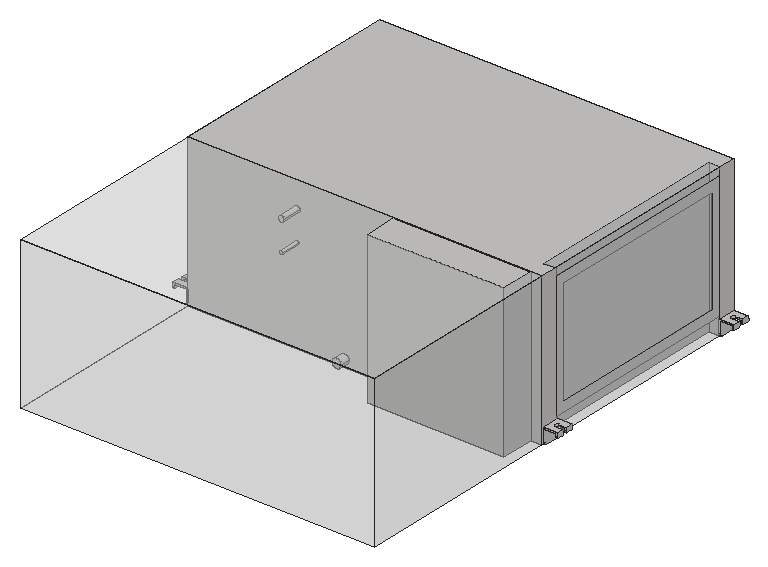
Revit family "outputfile", category 機械設備, Revit 2024
Family settings
  丸型コネクタ寸法 = 半径を使用
  パーツ タイプ = 標準
  OmniClass 番号 = 23.75.10.24.21.27.27
  OmniClass タイトル = Split System Air Conditioning Units
  作業面ベース = いいえ
  常に垂直 = はい
  ロード時にボイドで切り取り = いいえ
  注釈の向きを維持 = いいえ
  共有 = いいえ
  部屋計算ポイント = はい
Parameters (values of type "FXMQ125MFV7")
  Description = ""
  製造元 = "Daikin"
  書き出し IFC クラス(タイプ) = "IfcUnitaryEquipmentType"
  定義済み IFC タイプ(タイプ) = "AIRCONDITIONINGUNIT"
  Cost = 0
  モデル = "FXMQ125MFV7"
  Type Comments = ""
  Keynote = ""
  Type Image = (empty or 0)
  Assembly Code = ""
  w_dischargeflange = 660.0 mm
  w_suctionflange = 640.0 mm
  r_Liquid Pipe Size = Liquid Pipe Size / 2  # 4.75 mm
  r_Gas Pipe Size = Gas Pipe Size / 2  # 7.95 mm
  r_Drain Pipe Size = Drain Pipe Size / 2  # 13.8 mm
  lw_powersupply = 247.5 mm  # constant formula
  lw_mountinghole_pitch = 1148.0 mm  # constant formula
  lw_mountinghole = if(Depth = 744.0 mm, 29.5 mm, if(Depth = 1380.0 mm, 42.0 mm, 42.0 mm))  # 29.5 mm
  lw_liquidpipe = 760.0 mm  # constant formula
  lw_gaspipe = 760.0 mm  # constant formula
  lw_drainpipe = 613.0 mm  # constant formula
  lh_dischargeflange = 250.0 mm  # constant formula
  lh_powersupply = 20.0 mm  # constant formula
  lh_liquidpipe = 296.0 mm  # constant formula
  lh_gaspipe = 390.0 mm  # constant formula
  lh_drainpipe = 25.0 mm  # constant formula
  lh_suctionflange = 250.0 mm  # constant formula
  lh_antena = Height - lh_mountinghole + 1.0 mm  # 421.0 mm
  ld_dischargeflange = 372.0 mm
  ld_powersupply = 211.5 mm  # constant formula
  ld_mountinghole_pitch = if(Depth = 744.0 mm, 685.0 mm, if(Depth = 1380.0 mm, 1296.0 mm, 1296.0 mm))  # 685.0 mm
  ld_suctionflange = 372.0 mm
  h_dischargeflange = 390.0 mm  # constant formula
  lh_mountinghole = 50.0 mm  # constant formula
  h_mountinghole = [h***] + lh_mountinghole  # 50.0 mm
  h_suctionflange = 390.0 mm  # constant formula
  h*** = 0.0 mm  # constant formula
  d_dischargeflange = 25.0 mm  # constant formula
  d_pipe = if(Depth = 744.0 mm, 61.0 mm, if(Depth = 1380.0 mm, 60.0 mm, 60.0 mm))  # 61.0 mm
  d_suctionflange = 25.0 mm  # constant formula
  Width = 1100.0 mm
  Voltage_comment_50Hz = "220-240"
  Voltage_50Hz = 230 V
  Version = "ver.1.0"
  Unit Type = "Outdoor Air Processing Unit"
  Unit Mass Weight = 86.00 kg
  Unit Designation [instance] = ""
  Uniclass2015Version = "Products v1.30"
  Uniclass2015Title = "Variable refrigerant flow units"
  Uniclass2015Code = "Pr_70_65_03_94"
  URL = ""
  Total Cooling Capacity [instance] = 0.000 kW
  Supply Air Direction [instance] = yes
  Sound Pressure Level_M speed (dBA) = 0
  Sound Pressure Level_L speed (dBA) = 0
  Sound Pressure Level_H speed (dBA) = 42
  Sound Power Level_H speed (dB) = 0
  Series = "VRV Fan Coil Unit"
  Sensible Cooling Capacity [instance] = 0.000 kW
  SA Duct Size Width = 600.0 mm
  SA Duct Size Height = 330.0 mm
  Refrigerant Type = "R410A"
  Power Input (Cooling) = 0.359 kW
  Phase_50Hz = 1
  Option Accessory 3 [instance] = ""
  Option Accessory 2 [instance] = ""
  Option Accessory 1 [instance] = ""
  OA Duct Size Width = 580.0 mm
  OA Duct Size Height = 330.0 mm
  Nominal Cooling Capacity = 14.000 kW
  Minimum External Static Pressure = 0.00 Pa
  Minimum Circuit Amps_50Hz = 1.9 A
  Minimum Airflow = 0.00 m³/h
  Median Airflow = 0.00 m³/h
  Maximum Fuse Amps_50Hz = 15.0 A
  Maximum External Static Pressure = 225.00 Pa
  Maximum Airflow = 1080.00 m³/h
  Material_Casing = DAIKIN_GalvanizedSteel_Casing_indoorunit
  Load Classification = HVAC
  Liquid Pipe Size = 9.5 mm
  Link_Nested Family [instance] = ""
  IfcVersion = "0"
  IfcExportType = "AIRCONDITIONINGUNIT"
  IfcExportAs = "IfcUnitaryEquipmentType"
  Height = 470.0 mm
  Heat Exchanger Type = "Cross Fin Coil"
  Gas Pipe Size = 15.9 mm
  Frequency_50Hz = 50 Hz
  Fan Type = "Sirocco Fan"
  Fan Drive = "Direct Drive"
  FCU Tag No. [instance] = ""
  Drain Pipe Size = 27.6 mm
  Design Supply Airflow [instance] = 0.00 m³/h
  Design Outdoor Airflow [instance] = 0.00 m³/h
  Design External Static Pressure [instance] = 0.00 Pa
  Depth = 744.0 mm
  既定の高さ = 0.0 mm
  Cooling Entering Wet Bulb Temperature [instance] = 0.00 °C
  Cooling Entering Dry Bulb Temperature [instance] = 0.00 °C
  Cooling Ambient Wet Bulb Temperature [instance] = 0.00 °C
  Cooling Ambient Dry Bulb Temperature [instance] = 0.00 °C
  Clearance visibility [instance] = yes
  Clearance Top = 0.0 mm
  Clearance Right = 0.0 mm
  Clearance Rear = 0.0 mm
  Clearance Left = 0.0 mm
  Clearance Front = 650.0 mm
  Clearance Bottom = 0.0 mm
Reference planes
  plane 1 "Center (Front/Back)": y = 0
  plane 2: z = 0
  plane 3 "Center (Left/Right)": x = 0
  plane 4 "Back": y = 372
  plane 5 "Front": y = -372
  plane 6 "Left": x = -550
  plane 7 "Right": x = 550
  plane 8 "Top": z = 0
  plane 9 "Bottom": z = -470
  plane 10: y = 372
  plane 11: y = -1022
  plane 12: x = 550
  plane 13: x = -550
  plane 14: z = 0
  plane 15: z = -470
  plane 16: y = -474
  plane 17: y = -402
  plane 18: y = -433
  plane 19 "ld_drainpipe": x = -63
  plane 20 "ld_liquidpipe": x = -210
  plane 21 "ld_gaspipe": x = -210
  plane 22 "lh_gaspipe": z = -80
  plane 23 "lh_drainpipe": z = -445
  plane 24 "lh_liquidpipe": z = -174
  plane 25 "h_mountinghole": z = -420
  plane 26 "lh_powersuply": z = -450
  plane 27 "lh_suctionflange": z = -220
  plane 28 "ld_suctionflange": y = 0
  plane 29 "ld_dischargeflange": y = 0
  plane 30 "lh_dischargeflange": z = -220
  plane 31 "control box1": x = 514
  plane 32 "control box2": x = 91
  plane 33: y = -423
  plane 34 "lw_powersupply": x = 302.5
  plane 35: y = 342.5
  plane 36: y = -342.5
  plane 37: x = -574
  plane 38: x = 574
  plane 39 "w_suctionflange1": y = 320
  plane 40 "w_suctionflange2": y = -320
Forms (mm)
  Extrusion 1, solid, material "DAIKIN_GalvanizedSteel_Casing_indoorunit" <- "Material_Casing"
    sketch origin (0, 0, 0) x (1, 0, 0) y (0, 0, 1)
      loop
        line (-550, 0) -> (-550, -470) -> (550, -470) -> (550, 0) -> (-550, 0)
    from -372 to 372
  Extrusion 2, solid, material "DAIKIN_GalvanizedSteel_Casing_indoorunit" <- "Material_Casing"
    sketch origin (0, 0, 0) x (1, 0, 0) y (0, 0, 1)
      loop
        line (91, -470) -> (514, -470) -> (514, 0) -> (91, 0) -> (91, -470)
    from 372 to 474
  Extrusion 3, solid, material "DAIKIN_GalvanizedSteel_Casing_indoorunit" <- "Material_Casing"
    sketch origin (0, 0, 0) x (1, 0, 0) y (0, 0, 1)
      loop
        circle (-210, -174) r 4.75
      loop
        circle (-210, -80) r 7.95
    from 372 to 433
  Extrusion 4, solid, material "DAIKIN_GalvanizedSteel_Casing_indoorunit" <- "Material_Casing"
    sketch origin (63, 0, 0) x (1, 0, 0) y (0, 0, 1)
      loop
        circle (-126, -445) r 13.8
    from 372 to 402
  Extrusion 5, void
    sketch origin (0, 0, 0) x (0, 1, 0) y (0, 0, 1)
      loop
        line (-320, 545) -> (-320, -985) -> (320, -985) -> (320, 545) -> (-320, 545)
    from 514 to 550
Cuts and joins
  Extrusion 5 cuts Extrusion 1
Dimensions and locks
  "Height": plane 8 "Top" to plane 9 "Bottom"
  equal spacing: plane 6 "Left", plane 3 "Center (Left/Right)", plane 7 "Right"
  "Width": plane 6 "Left" to plane 7 "Right"
  equal spacing: plane 4 "Back", plane 1 "Center (Front/Back)", plane 5 "Front"
  "Depth": plane 4 "Back" to plane 5 "Front"
  "Clearance Left": plane 13 to plane 6 "Left"
  "Clearance Right": plane 7 "Right" to plane 12
  "Clearance Rear": plane 10 to plane 4 "Back"
  "Clearance Front": plane 5 "Front" to plane 11
  "Clearance Top": plane 14 to plane 8 "Top"
  "Clearance Bottom": plane 9 "Bottom" to plane 15
  locked: plane 5 "Front" to plane 16 at 102
  "d_pipe": plane 5 "Front" to plane 18
  "lw_drainpipe": plane 19 "ld_drainpipe" to plane 7 "Right"
  "lw_liquidpipe": plane 20 "ld_liquidpipe" to plane 7 "Right"
  "lw_gaspipe": plane 21 "ld_gaspipe" to plane 7 "Right"
  "lh_gaspipe": plane 22 "lh_gaspipe" to plane 9 "Bottom"
  "lh_liquidpipe": plane 24 "lh_liquidpipe" to plane 9 "Bottom"
  "lh_drainpipe": plane 23 "lh_drainpipe" to plane 9 "Bottom"
  "lh_mountinghole": plane 25 "h_mountinghole" to plane 9 "Bottom"
  "lh_powersupply": plane 26 "lh_powersuply" to plane 9 "Bottom"
  "lh_suctionflange": plane 27 "lh_suctionflange" to plane 9 "Bottom"
  "ld_suctionflange": plane 28 "ld_suctionflange" to plane 5 "Front"
  "ld_dischargeflange": plane 4 "Back" to plane 29 "ld_dischargeflange"
  "lh_dischargeflange": plane 30 "lh_dischargeflange" to plane 9 "Bottom"
  locked: plane 5 "Front" to plane 17 at 30
  locked: plane 32 "control box2" to plane 31 "control box1" at 423
  locked: plane 31 "control box1" to plane 7 "Right" at 36
  "lw_powersupply": plane 34 "lw_powersupply" to plane 7 "Right"
  equal spacing: plane 37, plane 3 "Center (Left/Right)", plane 38
  "lw_mountinghole_pitch": plane 37 to plane 38
  "lw_mountinghole": plane 36 to plane 5 "Front"
  "ld_mountinghole_pitch": plane 35 to plane 36
  equal spacing: plane 5 "Front", plane 33, plane 16, locked at 51 each
  equal spacing: plane 39 "w_suctionflange1", plane 29 "ld_dischargeflange", plane 40 "w_suctionflange2"
  "w_suctionflange": plane 39 "w_suctionflange1" to plane 40 "w_suctionflange2"
  "r_Liquid Pipe Size": radius of Extrusion 3 sketch curve
  "r_Gas Pipe Size": radius of Extrusion 3 sketch curve
  "r_Drain Pipe Size": radius of Extrusion 4 sketch curve
  aligned and locked: level to plane 2
  aligned and locked: Extrusion 1 sketch curve to plane 8 "Top"
  aligned and locked: Extrusion 1 sketch curve to plane 6 "Left"
  aligned and locked: plane 9 "Bottom" to Extrusion 1 sketch curve
  aligned and locked: Extrusion 1 sketch curve to plane 7 "Right"
  aligned and locked: plane 4 "Back" to Extrusion 1
  aligned and locked: Extrusion 1 to plane 5 "Front"
  aligned and locked: plane 10 to nested 1
  aligned and locked: plane 11 to nested 1
  aligned and locked: plane 12 to nested 1
  aligned and locked: nested 1 to plane 13
  aligned and locked: plane 15 to nested 1
  aligned and locked: plane 14 to nested 1
  aligned and locked: Extrusion 2 to plane 16
  aligned and locked: plane 5 "Front" to Extrusion 2
  aligned and locked: plane 24 "lh_liquidpipe" to Extrusion 3 sketch curve
  aligned and locked: plane 20 "ld_liquidpipe" to Extrusion 3 sketch curve
  aligned and locked: plane 21 "ld_gaspipe" to Extrusion 3 sketch curve
  aligned and locked: plane 22 "lh_gaspipe" to Extrusion 3 sketch curve
  aligned and locked: Extrusion 3 to plane 18
  aligned and locked: plane 5 "Front" to Extrusion 3
  aligned and locked: nested 2 to plane 5 "Front"
  aligned and locked: nested 2 to plane 19 "ld_drainpipe"
  aligned and locked: plane 23 "lh_drainpipe" to nested 2
  aligned and locked: nested 3 to plane 5 "Front"
  aligned and locked: nested 4 to plane 5 "Front"
  aligned and locked: plane 24 "lh_liquidpipe" to nested 3
  aligned and locked: plane 22 "lh_gaspipe" to nested 4
  aligned and locked: plane 25 "h_mountinghole" to nested 5
  aligned and locked: plane 25 "h_mountinghole" to nested 6
  aligned and locked: nested 7 to plane 25 "h_mountinghole"
  aligned and locked: nested 8 to plane 25 "h_mountinghole"
  aligned and locked: nested 13 to plane 26 "lh_powersuply"
  aligned and locked: plane 1 "Center (Front/Back)" to nested 14
  aligned and locked: nested 14 to plane 3 "Center (Left/Right)"
  aligned and locked: nested 15 to plane 29 "ld_dischargeflange"
  aligned and locked: nested 15 to plane 6 "Left"
  aligned and locked: plane 30 "lh_dischargeflange" to nested 15
  aligned and locked: nested 16 to plane 6 "Left"
  aligned and locked: nested 16 to plane 29 "ld_dischargeflange"
  aligned and locked: plane 28 "ld_suctionflange" to nested 17
  aligned and locked: nested 17 to plane 27 "lh_suctionflange"
  aligned and locked: nested 16 to plane 30 "lh_dischargeflange"
  aligned and locked: nested 3 to plane 20 "ld_liquidpipe"
  aligned and locked: nested 4 to plane 21 "ld_gaspipe"
  aligned and locked: Extrusion 2 sketch curve to plane 31 "control box1"
  aligned and locked: Extrusion 2 sketch curve to plane 32 "control box2"
  aligned and locked: Extrusion 2 sketch curve to plane 14
  aligned and locked: Extrusion 2 sketch curve to plane 15
  aligned and locked: plane 19 "ld_drainpipe" to Extrusion 4 sketch curve
  aligned and locked: plane 23 "lh_drainpipe" to Extrusion 4 sketch curve
  aligned and locked: Extrusion 4 to plane 17
  aligned and locked: nested 13 to plane 34 "lw_powersupply"
  aligned and locked: plane 33 to nested 13
  aligned and locked: nested 5 to plane 35
  aligned and locked: plane 35 to nested 7
  aligned and locked: nested 6 to plane 36
  aligned and locked: plane 36 to nested 8
  aligned and locked: nested 18 to plane 1 "Center (Front/Back)"
  aligned and locked: plane 27 "lh_suctionflange" to nested 18
  aligned and locked: Extrusion 5 sketch curve to plane 39 "w_suctionflange1"
  aligned and locked: Extrusion 5 sketch curve to plane 40 "w_suctionflange2"
  aligned and locked: plane 7 "Right" to Extrusion 5
  aligned and locked: plane 7 "Right" to nested 18
  aligned and locked: plane 3 "Center (Left/Right)" to nested 17
  aligned and locked: nested 11 to plane 37
  aligned and locked: nested 12 to plane 38
  aligned and locked: nested 10 to plane 37
  aligned and locked: nested 9 to plane 38
  aligned and locked: nested 5 to plane 6 "Left"
  aligned and locked: nested 7 to plane 7 "Right"
  aligned and locked: nested 8 to plane 7 "Right"
  aligned and locked: nested 9 to plane 36
  aligned and locked: nested 10 to plane 36
  aligned and locked: nested 12 to plane 35
  aligned and locked: nested 11 to plane 35
  aligned and locked: Extrusion 5 to Extrusion 2
  aligned and locked: plane 5 "Front" to Extrusion 4
Automatic sketch dimensions
  level to Extrusion 5 sketch curve = 545.0 mm
  Extrusion 5 sketch curve to plane 9 "Bottom" = 515.0 mm
Nested families
  nested 1: "daikin_clearancespace" at (0, -325, -234.881), visible <- "Clearance visibility", show <- "Clearance visibility", Link_Nested Family <- "Link_Nested Family", type "daikin_clearancespace"
    with width 1100.0 mm, show yes, height 470.0 mm, depth 1394.0 mm, Link_Nested Family ""
  nested 2: "daikin_connector_rotate2" at (-63, -372, -445), radius <- "r_Drain Pipe Size", type "daikin_connector_rotate2"
    with radius 13.8 mm, length 30.0 mm, angle_vertical 90.00°, show_face no
  nested 3: "daikin_connector_rotate2" at (-210, -372, -174), length <- "d_pipe", radius <- "r_Liquid Pipe Size", type "daikin_connector_rotate2"
    with radius 4.75 mm, length 61.0 mm, angle_vertical 90.00°, show_face no
  nested 4: "daikin_connector_rotate2" at (-210, -372, -80), length <- "d_pipe", radius <- "r_Gas Pipe Size", type "daikin_connector_rotate2"
    with radius 7.95 mm, length 61.0 mm, angle_vertical 90.00°, show_face no
  nested 5: "daikin_hangerfixture_FXMQ-MFV7" at (-550, 342.5, -420) x (0, -1, 0) z (0, 0, 1), type "daikin_hangerfixture_FXMQ-MFV7"
  nested 6: "daikin_hangerfixture_FXMQ-MFV7" at (-550, -342.5, -420) x (0, -1, 0) z (0, 0, 1), type "daikin_hangerfixture_FXMQ-MFV7"
  nested 7: "daikin_hangerfixture_FXMQ-MFV7" at (550, 342.5, -420) x (0, -1, 0) z (0, 0, 1), type "daikin_hangerfixture_FXMQ-MFV7"
  nested 8: "daikin_hangerfixture_FXMQ-MFV7" at (550, -342.5, -420) x (0, -1, 0) z (0, 0, 1), type "daikin_hangerfixture_FXMQ-MFV7"
  nested 9: "daikin_mountinghole" at (574, -342.5, -470), Link_Nested Family <- "Link_Nested Family", l_antenna <- "lh_antena", h_mountinghole <- "h_mountinghole", type "daikin_mountinghole"
    with show yes, l_antenna 421.0 mm, h_mountinghole 50.0 mm, Link_Nested Family ""
  nested 10: "daikin_mountinghole" at (-574, -342.5, -470), Link_Nested Family <- "Link_Nested Family", l_antenna <- "lh_antena", h_mountinghole <- "h_mountinghole", type "daikin_mountinghole"
    with show yes, l_antenna 421.0 mm, h_mountinghole 50.0 mm, Link_Nested Family ""
  nested 11: "daikin_mountinghole" at (-574, 342.5, -470), Link_Nested Family <- "Link_Nested Family", l_antenna <- "lh_antena", h_mountinghole <- "h_mountinghole", type "daikin_mountinghole"
    with show yes, l_antenna 421.0 mm, h_mountinghole 50.0 mm, Link_Nested Family ""
  nested 12: "daikin_mountinghole" at (574, 342.5, -470), Link_Nested Family <- "Link_Nested Family", l_antenna <- "lh_antena", h_mountinghole <- "h_mountinghole", type "daikin_mountinghole"
    with show yes, l_antenna 421.0 mm, h_mountinghole 50.0 mm, Link_Nested Family ""
  nested 13: "daikin_connector_rotate2" at (302.5, -423, -450) x (0, 1, 0) z (0, 0, 1), length <- "ld_powersupply", type "daikin_connector_rotate2"
    with radius 10.0 mm, length 211.5 mm, angle_vertical 90.00°, show_face no
  nested 14: "daikin_△_symbolicline" at (0, 0, 470) x (0, -1, 0) z (0, 0, 1), visible <- "Supply Air Direction", built-in parameter 1001364 <- "Height", type "daikin_△_symbolicline"
    with length 300.0 mm
  nested 15: "daikin_ductflange_FXMQ-MFV7_1" at (-550, 0, -415) x (0, -1, 0) z (0, 0, 1), material <- "Material_Casing", depth <- "d_dischargeflange", height <- "h_dischargeflange", width <- "w_dischargeflange", type "daikin_ductflange_FXMQ-MFV7_1"
    with width 660.0 mm, top1 30.0 mm, right1 30.0 mm, material DAIKIN_GalvanizedSteel_Casing_indoorunit, left1 30.0 mm, height 390.0 mm, depth 25.0 mm, Bottom1 30.0 mm
  nested 16: "daikin_connector_rotate2" at (-550, 0, -220) x (0, -1, 0) z (0, 0, 1), length <- "d_dischargeflange", type "daikin_connector_rotate2"
    with radius 10.0 mm, length 25.0 mm, angle_vertical 90.00°, show_face no
  nested 17: "daikin_connector_rotate2" at (0, 0, -220) x (0, 1, 0) z (0, 0, 1), type "daikin_connector_rotate2"
    with radius 10.0 mm, length 550.0 mm, angle_vertical 90.00°, show_face no
  nested 18: "daikin_ductflange_FXMQ-MFV7_2" at (549, 0, -415) x (0, 1, 0) z (0, 0, 1), width <- "w_suctionflange", height <- "h_suctionflange", type "daikin_ductflange_FXMQ-MFV7_2"
    with width 640.0 mm, height 390.0 mm, depth 1.0 mm
Connectors
  piping at (-210, -433, -174), diameter 9.5, driven by "r_Liquid Pipe Size"
    settings: on nested 3, index 2, connector inside diameter 609.6 mm, connector length 0.0 mm, flow factor 0, pipe flow 0.00 m³/h, pressure drop 0.0 Pa, fitting loss kfactor 0, connector angle 0.00°, fixture units 0, engagement length 0.0 mm, angle of deflection 0.00°, flow configuration 1, flow direction 1, fitting loss method 0, system type 29, joint type 0, gender type 0, connector reference index -1, connector utility 0, adjustable connector no, is connector primary yes, connector description "Refrigerant Liquid Piping"
  piping at (-210, -433, -80), diameter 15.9, driven by "r_Gas Pipe Size"
    settings: on nested 4, index 3, connector inside diameter 609.6 mm, connector length 0.0 mm, flow factor 0, pipe flow 0.00 m³/h, pressure drop 0.0 Pa, fitting loss kfactor 0, connector angle 0.00°, fixture units 0, engagement length 0.0 mm, angle of deflection 0.00°, flow configuration 1, flow direction 2, fitting loss method 0, system type 29, joint type 0, gender type 0, connector reference index -1, connector utility 0, adjustable connector no, is connector primary no, connector description "Refrigerant Gas Piping"
  electrical at (514, -423, -450), driven by "Load Classification"
    settings: on nested 13, index 4, voltage 0 V, apparent load 0 VA, apparent load phase1 0 VA, apparent load phase2 0 VA, apparent load phase3 0 VA, power factor 1, load classification "HVAC", number of poles 1, system type 30, power factor state 1, is connector primary yes, connector utility no, sub classification motor no, connector description "Power Supply"
  hvac at (-575, 0, -220), driven by "SA Duct Size Height", driven by "SA Duct Size Width"
    settings: on nested 15, index 6, duct flow 0.00 m³/h, flow factor 0, pres drop 0.00 Pa, loss coef 0, conn angle 0.00°, conn width 600.0 mm, conn height 330.0 mm, conn diameter 609.6 mm, duct sys type 1, conn prof type 1, flow config 0, flow direction 2, loss method 4, conn ref index -1, conn util no, is conn primary yes, conn desc "SA Duct"
  piping at (-63, -402, -445), diameter 27.6, driven by "r_Drain Pipe Size"
    settings: on Extrusion 4, index 7, connector inside diameter 609.6 mm, connector length 0.0 mm, flow factor 0, pipe flow 0.00 m³/h, pressure drop 0.0 Pa, fitting loss kfactor 0, connector angle 0.00°, fixture units 0, engagement length 0.0 mm, angle of deflection 0.00°, flow configuration 1, flow direction 2, fitting loss method 4, system type 16, joint type 0, gender type 0, connector reference index -1, connector utility 0, adjustable connector no, is connector primary no, connector description "Condensate Drain Piping"
  hvac at (550, 0, -220), driven by "OA Duct Size Height", driven by "OA Duct Size Width"
    settings: on nested 18, index 8, duct flow 0.00 m³/h, flow factor 0, pres drop 0.00 Pa, loss coef 0, conn angle 0.00°, conn width 580.0 mm, conn height 330.0 mm, conn diameter 609.6 mm, duct sys type 1, conn prof type 1, flow config 0, flow direction 1, loss method 4, conn ref index -1, conn util no, is conn primary no, conn desc "OA Duct"
Definition of nested family "daikin_clearancespace"
  Parameters (values of type "daikin_clearancespace")
    width [instance] = 1823.963 mm
    show [instance] = yes
    material = none
    height [instance] = 1359.762 mm
    depth [instance] = 880.0 mm
    Default Elevation = 0.0 mm
    Link_Nested Family [instance] = ""
  Reference planes
    plane 1 "Center (Front/Back)": y = 0
    plane 2 "Center (Elevation)": z = -0.119
    plane 3 "Center (Left/Right)": x = 0
    plane 4: y = 440
    plane 5: y = -440
    plane 6 "Right": x = 911.982
    plane 7 "Left": x = -911.982
    plane 8 "Top": z = 679.762
    plane 9 "Bottom": z = -680
  Forms (mm)
    Extrusion 1, solid, material <- "material", visible <- "show"
      sketch origin (0, 0, 0) x (1, 0, 0) y (0, 1, 0)
        loop
          line (-911.982, 440) -> (-911.982, -440) -> (911.982, -440) -> (911.982, 440) -> (-911.982, 440)
      from -680 to 679.762
  Lines and regions (mm)
    symbolic lines, visible <- "show"
      curve 1: line (911.982, 440, 0) -> (-911.982, 440, 0)
      curve 2: line (-911.982, 440, 0) -> (-911.982, -440, 0)
      curve 3: line (-911.982, -440, 0) -> (911.982, -440, 0)
      curve 4: line (911.982, -440, 0) -> (911.982, 440, 0)
      curve 5: line (911.982, 0, 679.762) -> (-911.982, 0, 679.762)
      curve 6: line (911.982, 0, -680) -> (911.982, 0, 679.762)
      curve 7: line (-911.982, 0, -680) -> (911.982, 0, -680)
      curve 8: line (-911.982, 0, 679.762) -> (-911.982, 0, -680)
      curve 9: line (0, 440, 679.762) -> (0, -440, 679.762)
      curve 10: line (0, -440, 679.762) -> (0, -440, -680)
      curve 11: line (0, 440, -680) -> (0, 440, 679.762)
      curve 12: line (0, -440, -680) -> (0, 440, -680)
  Dimensions and locks
    "width": plane 7 "Left" to plane 6 "Right"
    "depth": plane 4 to plane 5
    "height": plane 8 "Top" to plane 9 "Bottom"
    equal spacing: plane 7 "Left", plane 3 "Center (Left/Right)", plane 6 "Right"
    equal spacing: plane 4, plane 1 "Center (Front/Back)", plane 5
    equal spacing: plane 8 "Top", plane 2 "Center (Elevation)", plane 9 "Bottom"
    aligned and locked: level to plane 2 "Center (Elevation)"
    aligned and locked: Extrusion 1 sketch curve to plane 4
    aligned and locked: plane 7 "Left" to Extrusion 1 sketch curve
    aligned and locked: Extrusion 1 sketch curve to plane 5
    aligned and locked: Extrusion 1 sketch curve to plane 6 "Right"
    aligned and locked: plane 8 "Top" to Extrusion 1
    aligned and locked: curve 1 to Extrusion 1
    aligned and locked: curve 2 to Extrusion 1
    aligned and locked: curve 3 to Extrusion 1
    aligned and locked: curve 4 to Extrusion 1
    aligned and locked: curve 5 to Extrusion 1
    aligned and locked: curve 6 to Extrusion 1
    aligned and locked: curve 7 to Extrusion 1
    aligned and locked: curve 8 to Extrusion 1
    aligned and locked: curve 9 to Extrusion 1
    aligned and locked: curve 10 to Extrusion 1
    aligned and locked: curve 11 to Extrusion 1
    aligned and locked: curve 12 to Extrusion 1
    aligned and locked: Extrusion 1 to plane 9 "Bottom"
Definition of nested family "daikin_hangerfixture_FXMQ-MFV7"
  Parameters (values of type "daikin_hangerfixture_CeilingMountedDuct")
    width = if(D = 744.0 mm, 55.0 mm, if(D = 1380.0 mm, 80.0 mm, 80.0 mm))  # 55.0 mm
    material = none
    height = 50.0 mm
    depth = 47.0 mm
    Default Elevation = 0.0 mm
    D = 744.0 mm
  Reference planes
    plane 1 "Center (Front/Back)": y = 0
    plane 2: z = 0
    plane 3 "Center (Left/Right)": x = 0
    plane 4: y = 417.146
    plane 5: y = -47
    plane 6: x = -27.5
    plane 7: x = 27.5
    plane 8: z = -5
    plane 9: z = -50
    plane 10: y = -5
    plane 11: y = -42
    plane 12: y = -24
    plane 13: z = -15
  Forms (mm)
    Extrusion 1, solid, material <- "material"
      sketch origin (0, 0, 0) x (1, 0, 0) y (0, 1, 0)
        loop
          line (27.5, 0) -> (-27.5, 0) -> (-27.5, -47) -> (-7, -47) -> (-7, -24)
          arc (-7, -24) -> (0, -17) -> (7, -24) r 7
          line (7, -24) -> (7, -47) -> (27.5, -47) -> (27.5, 0)
      from 0 to -5
    Extrusion 2, solid, material <- "material"
      sketch origin (0, 0, 0) x (1, 0, 0) y (0, 0, 1)
        loop
          line (27.5, -40) -> (27.5, 0) -> (-27.5, 0) -> (-27.5, -40)
          arc (-27.5, -40) -> (-24.571, -47.071) -> (-17.5, -50) r 10
          line (-17.5, -50) -> (17.5, -50)
          arc (17.5, -50) -> (24.571, -47.071) -> (27.5, -40) r 10
      from 0 to 5
    Extrusion 3, solid, material <- "material"
      sketch origin (0, 0, 0) x (1, 0, 0) y (0, 0, 1)
        loop
          line (-7, -12) -> (-7, 0) -> (-27.5, 0) -> (-27.5, -12)
          arc (-27.5, -12) -> (-26.621, -14.121) -> (-24.5, -15) r 3
          line (-24.5, -15) -> (-10, -15)
          arc (-10, -15) -> (-7.879, -14.121) -> (-7, -12) r 3
        loop
          line (7, 0) -> (7, -12)
          arc (7, -12) -> (7.879, -14.121) -> (10, -15) r 3
          line (10, -15) -> (24.5, -15)
          arc (24.5, -15) -> (26.621, -14.121) -> (27.5, -12) r 3
          line (27.5, -12) -> (27.5, 0) -> (7, 0)
      from 42 to 47
  Cuts and joins
    joined: Extrusion 1, Extrusion 2, Extrusion 3
  Dimensions and locks
    "width": plane 6 to plane 7
    "depth": plane 5 to plane 1 "Center (Front/Back)"
    locked: plane 2 to plane 8 at 5
    "height": plane 2 to plane 9
    locked: plane 10 to plane 1 "Center (Front/Back)" at 5
    locked: plane 11 to plane 5 at 5
    locked: plane 2 to plane 13 at 15
    equal spacing: plane 6, plane 3 "Center (Left/Right)", plane 7
    plane 12 to plane 1 "Center (Front/Back)" = 24.0 mm
    aligned and locked: level to plane 2
    aligned and locked: Extrusion 1 sketch curve to plane 1 "Center (Front/Back)"
    aligned and locked: plane 7 to Extrusion 1
    aligned and locked: Extrusion 1 to plane 6
    aligned and locked: Extrusion 1 to plane 5  (x2)
    aligned and locked: Extrusion 1 to plane 8
    aligned and locked: plane 2 to Extrusion 1
    aligned and locked: plane 2 to Extrusion 2 sketch curve
    aligned and locked: Extrusion 2 to plane 10
    aligned and locked: Extrusion 2 to plane 1 "Center (Front/Back)"
    aligned and locked: plane 2 to Extrusion 3 sketch curve  (x2)
    aligned and locked: plane 11 to Extrusion 3
    aligned and locked: Extrusion 3 to plane 5
    aligned and locked: plane 9 to Extrusion 2 sketch curve
    aligned and locked: cut or joined group of Extrusion 1, Extrusion 2, Extrusion 3 to plane 13  (x2)
    aligned and locked: plane 3 "Center (Left/Right)" to Extrusion 1 sketch curve
    aligned and locked: cut or joined group of Extrusion 1, Extrusion 2, Extrusion 3 to cut or joined group of Extrusion 1, Extrusion 2, Extrusion 3  (x2)
  Automatic sketch dimensions
    Extrusion 1 sketch curve to plane 6 = 0.0 mm
    Extrusion 1 sketch curve to plane 5 = 0.0 mm  (x2)
    Extrusion 1 sketch curve to plane 7 = 0.0 mm
    Extrusion 1 sketch curve to plane 3 "Center (Left/Right)" = 7.0 mm
    Extrusion 2 sketch curve to plane 7 = 0.0 mm
    Extrusion 2 sketch curve to plane 7 = 10.0 mm
    plane 6 to Extrusion 2 sketch curve = 10.0 mm
    Extrusion 2 sketch curve to plane 6 = 0.0 mm
    Extrusion 3 sketch curve to plane 6 = 0.0 mm
    Extrusion 3 sketch curve to plane 7 = 0.0 mm
    Extrusion 3 sketch curve to Extrusion 3 sketch curve = 3.0 mm  (x3)
    Extrusion 3 sketch curve to plane 8 = 7.0 mm
    Extrusion 3 sketch curve to plane 3 "Center (Left/Right)" = 7.0 mm
    plane 3 "Center (Left/Right)" to Extrusion 3 sketch curve = 7.0 mm
    Extrusion 3 sketch curve to plane 7 = 3.0 mm
    Extrusion 3 sketch curve to plane 8 = 10.0 mm
    Extrusion 1 sketch curve to plane 12 = 0.0 mm
Definition of nested family "daikin_ductflange_FXMQ-MFV7_1"
  Parameters (values of type "daikin_ductflange_FXMQ-MFV1")
    width [instance] = 670.0 mm
    right1 [instance] = 22.5 mm
    left1 [instance] = 22.5 mm
    Bottom1 [instance] = 25.0 mm
    material [instance] = none
    height [instance] = 272.0 mm
    depth [instance] = 25.0 mm
    top1 [instance] = 25.0 mm
    Default Elevation = 0.0 mm
  Reference planes
    plane 1 "Center (Front/Back)": y = 0
    plane 2: z = 0
    plane 3 "Center (Left/Right)": x = 0
    plane 4: y = -25
    plane 5: x = -335
    plane 6: x = 335
    plane 7 "Top": z = 272
    plane 8: y = -1
    plane 9: x = -312.5
    plane 10: x = 312.5
    plane 11: z = 247
    plane 12: z = 25
    plane 13 "Center (Elevation)": z = 136
  Forms (mm)
    Extrusion 1, solid, material <- "material"
      sketch origin (0, 0, 0) x (1, 0, 0) y (0, 0, 1)
        loop
          line (-335, 272) -> (-335, 0) -> (335, 0) -> (335, 272) -> (-335, 272)
        loop
          line (-312.5, 247) -> (-312.5, 25) -> (312.5, 25) -> (312.5, 247) -> (-312.5, 247)
      from 0 to 1
    Extrusion 2, solid, material <- "material"
      sketch origin (0, 0, 0) x (1, 0, 0) y (0, 1, 0)
        loop
          line (-312.5, -1) -> (-317.5, -1) -> (-317.5, -25) -> (-312.5, -25) -> (-312.5, -1)
        loop
          line (312.5, -1) -> (312.5, -25) -> (317.5, -25) -> (317.5, -1) -> (312.5, -1)
      from 0 to 272
    Extrusion 3, solid, material <- "material"
      sketch origin (0, 0, 0) x (0, 1, 0) y (0, 0, 1)
        loop
          line (-1, 247) -> (-1, 252) -> (-25, 252) -> (-25, 247) -> (-1, 247)
        loop
          line (-1, 25) -> (-25, 25) -> (-25, 20) -> (-1, 20) -> (-1, 25)
      from -312.5 to 312.5
  Cuts and joins
    joined: Extrusion 1, Extrusion 2, Extrusion 3
  Dimensions and locks
    "height": plane 7 "Top" to plane 2
    "width": plane 5 to plane 6
    equal spacing: plane 5, plane 3 "Center (Left/Right)", plane 6
    "depth": plane 1 "Center (Front/Back)" to plane 4
    locked: plane 8 to plane 1 "Center (Front/Back)" at 1
    "left1": plane 5 to plane 9
    "right1": plane 10 to plane 6
    locked: Extrusion 2 sketch curve to Extrusion 2 sketch curve at 5  (x2)
    "top1": plane 7 "Top" to plane 11
    "Bottom1": plane 12 to plane 2
    equal spacing: plane 7 "Top", plane 13 "Center (Elevation)", plane 2
    locked: Extrusion 3 sketch curve to cut or joined group of Extrusion 1, Extrusion 2, Extrusion 3 at 5
    locked: Extrusion 3 sketch curve to Extrusion 3 sketch curve at 5
    aligned and locked: level to plane 2
    aligned and locked: Extrusion 1 sketch curve to plane 7 "Top"
    aligned and locked: plane 5 to Extrusion 1 sketch curve
    aligned and locked: Extrusion 1 sketch curve to plane 6
    aligned and locked: plane 2 to Extrusion 1 sketch curve
    aligned and locked: Extrusion 1 to plane 8
    aligned and locked: Extrusion 2 sketch curve to plane 8
    aligned and locked: Extrusion 2 sketch curve to plane 9
    aligned and locked: plane 8 to Extrusion 2 sketch curve
    aligned and locked: Extrusion 2 sketch curve to plane 10
    aligned and locked: plane 8 to Extrusion 3 sketch curve
    aligned and locked: Extrusion 3 sketch curve to plane 8
    aligned and locked: plane 4 to Extrusion 2 sketch curve
    aligned and locked: Extrusion 2 sketch curve to plane 4
    aligned and locked: plane 4 to Extrusion 3 sketch curve
    aligned and locked: Extrusion 3 sketch curve to plane 4
    aligned and locked: plane 9 to Extrusion 1 sketch curve
    aligned and locked: Extrusion 1 sketch curve to plane 10
    aligned and locked: plane 12 to Extrusion 1 sketch curve
    aligned and locked: Extrusion 1 sketch curve to plane 11
    aligned and locked: plane 10 to cut or joined group of Extrusion 1, Extrusion 2, Extrusion 3
    aligned and locked: cut or joined group of Extrusion 1, Extrusion 2, Extrusion 3 to plane 9
    aligned and locked: plane 7 "Top" to cut or joined group of Extrusion 1, Extrusion 2, Extrusion 3
    aligned and locked: cut or joined group of Extrusion 1, Extrusion 2, Extrusion 3 to plane 2
  Automatic sketch dimensions
    Extrusion 3 sketch curve to plane 11 = 0.0 mm
    Extrusion 3 sketch curve to plane 12 = 0.0 mm
Definition of nested family "daikin_ductflange_FXMQ-MFV7_2"
  Parameters (values of type "daikin_ductflange_FXDSQ-AVM2")
    width [instance] = 624.0 mm
    material = none
    height [instance] = 390.0 mm
    depth [instance] = 1.0 mm
    Default Elevation = 0.0 mm
  Reference planes
    plane 1 "Center (Front/Back)": y = 0
    plane 2: z = 0
    plane 3 "Center (Left/Right)": x = 0
    plane 4: x = -312
    plane 5: x = 312
    plane 6 "Top": z = 390
    plane 7: y = -1
    plane 8: z = 360
    plane 9: z = 30
    plane 10 "Center (Elevation)": z = 195
    plane 11: x = -282
    plane 12: x = 282
  Forms (mm)
    Extrusion 1, solid, material <- "material"
      sketch origin (0, 0, 0) x (1, 0, 0) y (0, 0, 1)
        loop
          line (-312, 390) -> (-312, 0) -> (312, 0) -> (312, 390) -> (-312, 390)
        loop
          line (-282, 360) -> (-282, 30) -> (282, 30) -> (282, 360) -> (-282, 360)
      from 0 to 1
  Dimensions and locks
    "height": plane 6 "Top" to plane 2
    "width": plane 4 to plane 5
    equal spacing: plane 4, plane 3 "Center (Left/Right)", plane 5
    Extrusion 1 sketch curve to Extrusion 1 sketch curve = 30.0 mm  (x4)
    "depth": plane 7 to plane 1 "Center (Front/Back)"
    locked: plane 6 "Top" to plane 8 at 30
    locked: plane 9 to plane 2 at 30
    equal spacing: plane 6 "Top", plane 10 "Center (Elevation)", plane 2
    locked: plane 11 to plane 4 at 30
    plane 5 to plane 12 = 30.0 mm
    aligned and locked: level to plane 2
    aligned and locked: Extrusion 1 sketch curve to plane 6 "Top"
    aligned and locked: plane 4 to Extrusion 1 sketch curve
    aligned and locked: Extrusion 1 sketch curve to plane 5
    aligned and locked: plane 2 to Extrusion 1 sketch curve
    aligned and locked: plane 11 to Extrusion 1  (x2)
    aligned and locked: Extrusion 1 to plane 12  (x2)
    aligned and locked: Extrusion 1 to plane 8
    aligned and locked: plane 9 to Extrusion 1
Definition of nested family "daikin_connector_rotate2"
  Parameters (values of type "daikin_connector_rotate2")
    show_face = yes
    radius [instance] = 10.0 mm
    length [instance] = 600.0 mm
    d_surface = 10.0 mm
    angle_vertical [instance] = 90.00°
    Default Elevation = 0.0 mm
  Reference planes
    plane 1 "Center (Front/Back)": y = 0
    plane 2: z = 0
    plane 3 "Center (Left/Right)": x = 0
  Forms (mm)
    Extrusion 1, solid, visible <- "show_face"
      sketch origin (0, -600, 0) x (1, 0, 0) y (0, 0, 1)
        loop
          circle (0, 0) r 10
      from 0 to -10
  Lines and regions (mm)
    reference lines
      curve 1: line (0, 0, 0) -> (0, -600, 0)
    symbolic lines
      curve 2: circle (0, 0, 0) r 5 normal (0, 0, 1)
    model lines, visible <- "show_face"
      curve 3: line (0, 0, 0) -> (0, -600, 0)
  Dimensions and locks
    "length": curve 1 to curve 1
    "length": curve 3 to curve 3
    "d_surface": Extrusion 1 to Extrusion 1
    "radius": radius of Extrusion 1 sketch curve
    "angle_vertical": angle curve 1 to plane 1 "Center (Front/Back)"
    "angle_vertical": angle curve 3 to plane 1 "Center (Front/Back)"
    aligned and locked: level to plane 2
    aligned and locked: plane 1 "Center (Front/Back)" to curve 1
    aligned and locked: plane 2 to curve 1
    aligned and locked: plane 1 "Center (Front/Back)" to curve 2
    aligned and locked: plane 3 "Center (Left/Right)" to curve 2
    aligned and locked: plane 1 "Center (Front/Back)" to curve 3
    aligned and locked: plane 2 to curve 3
    aligned and locked: Extrusion 1 to Extrusion 1
  Automatic sketch dimensions
    Extrusion 1 sketch curve to level = 0.0 mm
    Extrusion 1 sketch curve to plane 3 "Center (Left/Right)" = 0.0 mm
    radius of curve 2 = 5.0 mm
Definition of nested family "daikin_mountinghole"
  Parameters (values of type "daikin_mountinghole")
    Default Elevation = 1219.2 mm
    Type Comments = "mountinghole"
    show [instance] = yes
    material = none
    l_centerline = 100.0 mm
    l_antenna [instance] = 100.0 mm
    h_mountinghole [instance] = 0.0 mm
    d_circle = 30.0 mm
    Link_Nested Family [instance] = ""
  Reference planes
    plane 1 "Center (Front/Back)": y = 0
    plane 2: z = 0
    plane 3 "Center (Left/Right)": x = 0
    plane 4: y = 50
    plane 5: x = -50
    plane 6: x = 50
    plane 7: y = -50
    plane 8 "h_mountinghole": z = 0
    plane 9: z = 100
  Lines and regions (mm)
    model lines, detail levels fine
      curve 1: circle (0, 0, 0) r 15 normal (0, 0, 1)
      curve 2: line (-50, 0, 0) -> (50, 0, 0)
      curve 3: line (0, 50, 0) -> (0, -50, 0)
    symbolic lines, detail levels fine
      curve 4: circle (0, 0, 0) r 15 normal (0, 0, 1)
      curve 5: line (-50, 0, 0) -> (50, 0, 0)
      curve 6: line (0, 50, 0) -> (0, -50, 0)
    model lines
      curve 7: line (0, 0, 100) -> (0, 0, 0)
  Dimensions and locks
    equal spacing: plane 4, plane 1 "Center (Front/Back)", plane 7
    "l_centerline": plane 4 to plane 7
    equal spacing: plane 5, plane 3 "Center (Left/Right)", plane 6
    "l_centerline": plane 5 to plane 6
    "l_antenna": plane 9 to plane 8 "h_mountinghole"
    "h_mountinghole": plane 8 "h_mountinghole" to plane 2
    "d_circle": diameter of curve 1
    "d_circle": diameter of curve 4
    aligned and locked: level to plane 2
    aligned and locked: plane 1 "Center (Front/Back)" to curve 1
    aligned and locked: plane 3 "Center (Left/Right)" to curve 1
    aligned and locked: plane 1 "Center (Front/Back)" to curve 2
    aligned and locked: curve 3 to plane 3 "Center (Left/Right)"
    aligned and locked: plane 6 to curve 2
    aligned and locked: plane 5 to curve 2
    aligned and locked: plane 4 to curve 3
    aligned and locked: plane 7 to curve 3
    aligned and locked: plane 1 "Center (Front/Back)" to curve 4
    aligned and locked: plane 3 "Center (Left/Right)" to curve 4
    aligned and locked: plane 6 to curve 5
    aligned and locked: plane 5 to curve 5
    aligned and locked: plane 1 "Center (Front/Back)" to curve 5
    aligned and locked: plane 4 to curve 6
    aligned and locked: plane 7 to curve 6
    aligned and locked: curve 6 to plane 3 "Center (Left/Right)"
    aligned and locked: curve 7 to plane 3 "Center (Left/Right)"
    aligned and locked: plane 9 to curve 7
    aligned and locked: plane 8 "h_mountinghole" to curve 7
Definition of nested family "daikin_△_symbolicline"
  Parameters (values of type "daikin_△_symbolicline")
    length [instance] = 500.0 mm
    Default Elevation = 0.0 mm
  Reference planes
    plane 1 "Center (Front/Back)": y = 0
    plane 2: z = 0
    plane 3 "Center (Left/Right)": x = 0
  Lines and regions (mm)
    symbolic lines
      curve 1: line (0, -433.013, 0) -> (250, 0, 0)
      curve 2: line (250, 0, 0) -> (-250, 0, 0)
      curve 3: line (-250, 0, 0) -> (0, -433.013, 0)
  Dimensions and locks
    equal spacing: curve 3, plane 3 "Center (Left/Right)", curve 2
    "length": curve 3 to curve 2
    "length": curve 3 to curve 3
    "length": curve 1 to curve 1
    aligned and locked: level to plane 2
    aligned and locked: curve 2 to plane 1 "Center (Front/Back)"
    aligned and locked: plane 3 "Center (Left/Right)" to curve 3
